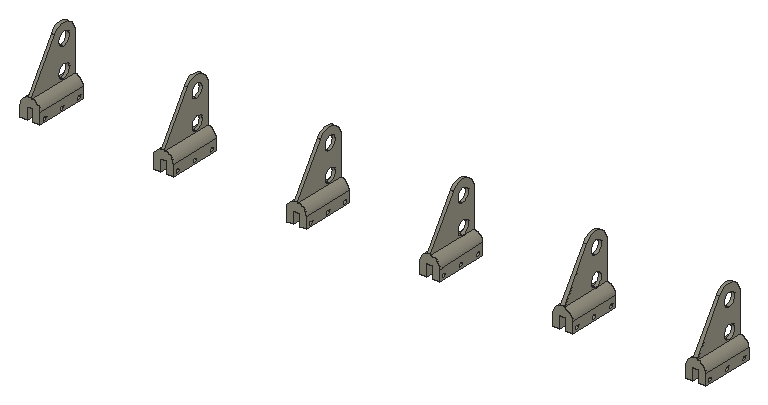
Revit family "Construction_Roof-Accessories_Alpine-SnowGuards_ASG4025", category Specialty Equipment, host Face, Revit 2019
Family settings
  Host = Face
  Round Connector Dimension = Use Diameter
  Part Type = Normal
  OmniClass Number = 23.35.20.31.27.14
  OmniClass Title = Snow Guards
  Cut with Voids When Loaded = No
  Shared = No
  Room Calculation Point = No
Parameters (values of type "Two Pipe")
  Z_Two [instance] = Z_Length > Z_Horizontal Spacing  # yes
  Z_One [instance] = not(Z_Array)  # no
  Z_Length [instance] = if(Length < Z_Horizontal Spacing, Z_Horizontal Spacing, Length)  # 50"
  Z_Horizontal Spacing [instance] = if(Horizontal Spacing < 2", 2", Horizontal Spacing)  # 10"
  Z_Array [instance] = and(Z_Length > Z_Horizontal Spacing * 2)  # yes
  URL = "https://www.alpinesnowguards.com/model/asg4025?utm_source=bimobject&utm_medium=productlisting&utm_campaign=2022marketing"
  Snow Guard Count [instance] = if(Length < Horizontal Spacing, 1, if(and(Z_Length > Z_Horizontal Spacing, Z_Length < Z_Horizontal Spacing * 2), 2, Z_Number of Pads Control))  # 6
  Product data url = "https://www.bimobject.com/en-us/alpine-snowguards/product/asg4025_standing_seam_two_pipe_snow_guard"
  Product Material = Alpine SnowGuards - Aluminium - Mill Finish
  Product Guid = "cdf780a7-c407-4b13-ac82-f1a410206ef9"
  Z_Number of Pads Control [instance] = if(Z_Length / Z_Horizontal Spacing + 1 < 3, 3, rounddown(Z_Length / Z_Horizontal Spacing + 1))  # 6
  Pad Material = Alpine SnowGuards - Aluminium - Mill Finish
  Number of Pads [instance] = Length / Horizontal Spacing + 1  # 6
  Length Note [instance] = "To show a single SnowGuard set Length to 0"  # constant formula
  Model = "ASG4025"
  Manufacturer = "Alpine SnowGuards"  # constant formula
  Length [instance] = 50"
  Keynote = "07720"
  Horizontal Spacing = 10"
  Edition number = 1
  Description = "ASG4025 two-pipe, pipe-style snow guard bracket."  # constant formula
  Default Elevation = 48"
  Assembly Code = "B3010"
Reference planes (in)
  plane 1 "Center (Front/Back)": y = 0
  plane 2: z = 0
  plane 3 "Center (Left/Right)": x = 0
  plane 4: x = 50
  plane 5: z = 0.125
  plane 6: x = 10
Dimensions and locks (in)
  "Z_Length": plane 3 "Center (Left/Right)" to plane 4
  locked: plane 5 to plane 2 at 0.125
  "Z_Horizontal Spacing": plane 3 "Center (Left/Right)" to plane 6
  equal spacing: group 1, group 2, group 3, group 4, group 5, group 6  (x3)
  locked: nested 4 to plane 1 "Center (Front/Back)" at 1
  locked: nested 5 to plane 1 "Center (Front/Back)" at 1
  aligned and locked: host face to plane 2
  aligned and locked: level to host face
  aligned and locked: level to nested 1
  aligned and locked: nested 1 to plane 3 "Center (Left/Right)"
  aligned and locked: nested 2 to plane 6
  aligned and locked: plane 1 "Center (Front/Back)" to nested 1
  aligned and locked: nested 4 to plane 3 "Center (Left/Right)"
  aligned and locked: nested 5 to plane 6
Automatic sketch dimensions
  host sketch curve to host sketch curve = 135.21334"
  host sketch curve to host sketch curve = 96"
Nested families (in)
  nested 1: "Construction_Roof-Accessories_Alpine-SnowGuards_Pad-ASG4025" at (0, 1, 0), Material <- "Pad Material", visible <- "Z_Array", type "-"
    with Material Alpine SnowGuards - Aluminium - Mill Finish
  nested 2: "Construction_Roof-Accessories_Alpine-SnowGuards_Pad-ASG4025" at (10, 1, 0), Material <- "Pad Material", visible <- "Z_Array", type "-"
    with Material Alpine SnowGuards - Aluminium - Mill Finish
  nested 3: "Construction_Roof-Accessories_Alpine-SnowGuards_Pad-ASG4025" at (20, 1, 0), Material <- "Pad Material", visible <- "Z_Array", type "-"
    with Material Alpine SnowGuards - Aluminium - Mill Finish
  nested 4: "Construction_Roof-Accessories_Alpine-SnowGuards_Pad-ASG4025" at (0, 1, 0), Material <- "Pad Material", visible <- "Z_One", type "-"
    with Material Alpine SnowGuards - Aluminium - Mill Finish
  nested 5: "Construction_Roof-Accessories_Alpine-SnowGuards_Pad-ASG4025" at (10, 1, 0), Material <- "Pad Material", visible <- "Z_Two", type "-"
    with Material Alpine SnowGuards - Aluminium - Mill Finish
  nested 6: "Construction_Roof-Accessories_Alpine-SnowGuards_Pad-ASG4025" at (30, 1, 0), Material <- "Pad Material", visible <- "Z_Array", type "-"
    with Material Alpine SnowGuards - Aluminium - Mill Finish
  nested 7: "Construction_Roof-Accessories_Alpine-SnowGuards_Pad-ASG4025" at (40, 1, 0), Material <- "Pad Material", visible <- "Z_Array", type "-"
    with Material Alpine SnowGuards - Aluminium - Mill Finish
  nested 8: "Construction_Roof-Accessories_Alpine-SnowGuards_Pad-ASG4025" at (50, 1, 0), Material <- "Pad Material", visible <- "Z_Array", type "-"
    with Material Alpine SnowGuards - Aluminium - Mill Finish
Definition of nested family "Construction_Roof-Accessories_Alpine-SnowGuards_Pad-ASG4025"
  Parameters (values of type "-")
    W = 1 1/2"
    Material [instance] = none
    H = 5 3/8"
    D = 4"
  Reference planes (in)
    plane 1 "Center (Front/Back)": y = 0
    plane 2: z = 0
    plane 3 "Center (Left/Right)": x = 0
    plane 4: y = 4
    plane 5: x = -0.75
    plane 6: x = 0.75
    plane 7: y = 2
    plane 8: z = 5.375
    plane 9: x = -0.75
    plane 10: z = 0.25
    plane 11: z = 0.8125
    plane 12: z = 0.875
    plane 13: z = 1.5625
    plane 14: z = 0.875
    plane 15: z = 1.5625
  Forms (in)
    Extrusion 1, solid, material <- "Material", detail levels fine
      sketch origin (0, 0, 0) x (1, 0, 0) y (0, 0, 1)
        loop
          line (-0.75, 0) -> (-0.22118, 0) -> (-0.22118, 0.875) -> (0.22118, 0.875) -> (0.22118, 0) -> (0.75, 0) -> (0.75, 0.81246)
          arc (0.75, 0.81246) -> (0, 1.56246) -> (-0.75, 0.81246) r 0.75
          line (-0.75, 0.81246) -> (-0.75, 0)
      from 0 to -4
    Sweep 2, solid, material <- "Material", detail levels fine
      path origin (0, 0, 0) x (1, 0, 0) y (0, 0, 1)
        loop
          line (-0.125, 0) -> (0.125, 0)
      profile origin (0, 0, 0) x (0, 0, 1) y (0, -1, 0)
        loop
          line (1.5, -4) -> (1.61161, -4) -> (4.89668, -1.86665)
          arc (4.89668, -1.86665) -> (5.31716, -0.72688) -> (4.34375, 0) r 1.01522
          line (4.34375, 0) -> (1.5, 0) -> (1.5, -4)
        loop
          circle (2.09375, -1) r 0.53125
        loop
          circle (4.28125, -1) r 0.53125
    Extrusion 3, void
      sketch origin (0, 0, 0) x (0, 1, 0) y (0, 0, 1)
        loop
          circle (3.61277, 0.25) r 0.1875
        loop
          circle (0.38723, 0.25) r 0.1875
        loop
          circle (2, 0.25) r 0.1875
      from 0 to 0.75
    Sweep 4, solid, material <- "Material", detail levels coarse+medium
      path origin (1.75, 0, 0) x (1, 0, 0) y (0, 0, 1)
        loop
          line (-1.875, 0) -> (-1.625, 0)
      profile origin (0, 0, 0) x (0, 0, 1) y (0, -1, 0)
        loop
          line (1.5625, -4) -> (1.61161, -4) -> (4.89668, -1.86665)
          arc (4.89668, -1.86665) -> (5.31716, -0.72688) -> (4.34375, 0) r 1.01522
          line (4.34375, 0) -> (1.5625, 0) -> (1.5625, -4)
    Extrusion 5, solid, material <- "Material", detail levels coarse+medium
      sketch origin (1.91012, 0, 0) x (1, 0, 0) y (0, 0, 1)
        loop
          line (-2.66012, 0) -> (-2.13131, 0) -> (-2.13131, 0.875) -> (-1.68894, 0.875) -> (-1.68894, 0) -> (-1.16012, 0) -> (-1.16012, 1.5625) -> (-2.66012, 1.5625) -> (-2.66012, 0)
      from 0 to -4
  Cuts and joins
    Extrusion 3 cuts Extrusion 1
    joined: Extrusion 1, Sweep 2
  Dimensions and locks (in)
    equal spacing: plane 5, plane 3 "Center (Left/Right)", plane 6
    "W": plane 5 to plane 6
    "D": plane 1 "Center (Front/Back)" to plane 4
    equal spacing: plane 4, plane 7, plane 1 "Center (Front/Back)"
    "H": plane 8 to level
    locked: plane 10 to level at 0.25
    locked: Extrusion 1 sketch curve to level at 0.875
    equal spacing: Extrusion 3 sketch curve, plane 7, Extrusion 3 sketch curve
    equal spacing: Sweep 2 sketch curve, plane 3 "Center (Left/Right)", Sweep 2 sketch curve
    locked: Sweep 2 sketch curve to Sweep 2 sketch curve at 0.25
    locked: Sweep 2 sketch curve to plane 1 "Center (Front/Back)" at 1  (x2)
    locked: Sweep 2 sketch curve to level at 2.09375
    locked: plane 12 to level at 0.875
    locked: Sweep 2 sketch curve to plane 12 at 3.40625
    locked: Sweep 2 sketch curve to plane 12 at 2.875
    locked: plane 8 to Sweep 2 sketch curve at 1.03125
    level to Sweep 2 sketch curve = 1 1/2"
    plane 13 to level = 1 9/16"
    Sweep 2 sketch curve to level = 1 9/16"
    Sweep 4 sketch curve to Sweep 4 sketch curve = 1/4"
    locked: Sweep 4 sketch curve to Sweep 4 sketch curve at 0.25
    aligned and locked: level to plane 2
    aligned and locked: plane 1 "Center (Front/Back)" to Extrusion 1
    aligned and locked: plane 4 to Extrusion 1
    aligned and locked: Extrusion 1 sketch curve to level
    aligned and locked: plane 6 to Extrusion 1 sketch curve
    aligned and locked: Extrusion 1 sketch curve to plane 9
    aligned and locked: Sweep 2 sketch curve to level
    aligned and locked: plane 1 "Center (Front/Back)" to Sweep 2 sketch curve
    aligned and locked: Sweep 2 sketch curve to plane 4
    aligned and locked: plane 10 to Extrusion 3 sketch curve  (x3)
    aligned and locked: Extrusion 3 to plane 3 "Center (Left/Right)"
    aligned and locked: plane 6 to Extrusion 3
    aligned and locked: plane 10 to Extrusion 3  (x2)
    aligned and locked: plane 7 to Extrusion 3 sketch curve
  Automatic sketch dimensions
    Extrusion 1 sketch curve to level = 0"
    Extrusion 1 sketch curve to plane 3 "Center (Left/Right)" = 0.22118"
    plane 3 "Center (Left/Right)" to Extrusion 1 sketch curve = 0.22118"
    Extrusion 1 sketch curve to Extrusion 1 sketch curve = 0.06254"
    Sweep 2 sketch curve to Sweep 2 sketch curve = 0.11161"
    Sweep 2 sketch curve to plane 1 "Center (Front/Back)" = 1.86665"
    Sweep 2 sketch curve to Sweep 2 sketch curve = 0.55293"
    Extrusion 3 sketch curve to plane 1 "Center (Front/Back)" = 0.38723"
    Sweep 4 sketch curve to level = 0"
    Sweep 4 sketch curve to plane 6 = 7/8"
    Extrusion 5 sketch curve to plane 15 = 0"
    Extrusion 5 sketch curve to level = 0"  (x2)
    Extrusion 5 sketch curve to plane 3 "Center (Left/Right)" = 0.22118"
    plane 3 "Center (Left/Right)" to Extrusion 5 sketch curve = 0.22118"
    plane 5 to Extrusion 5 sketch curve = 0"
    Extrusion 5 sketch curve to plane 6 = 0"
    Extrusion 5 sketch curve to Extrusion 5 sketch curve = 11/16"
    Sweep 4 sketch curve to plane 1 "Center (Front/Back)" = 0"
    plane 14 to Sweep 4 sketch curve = 11/16"
    Sweep 4 sketch curve to Sweep 4 sketch curve = 0.04911"
    Sweep 4 sketch curve to plane 1 "Center (Front/Back)" = 1.01522"
    Sweep 4 sketch curve to Sweep 4 sketch curve = 2 25/32"
    Sweep 4 sketch curve to plane 1 "Center (Front/Back)" = 1.86665"
    Sweep 4 sketch curve to Sweep 4 sketch curve = 2.13335"
    radius of Extrusion 3 sketch curve = 3/16"  (x3)
